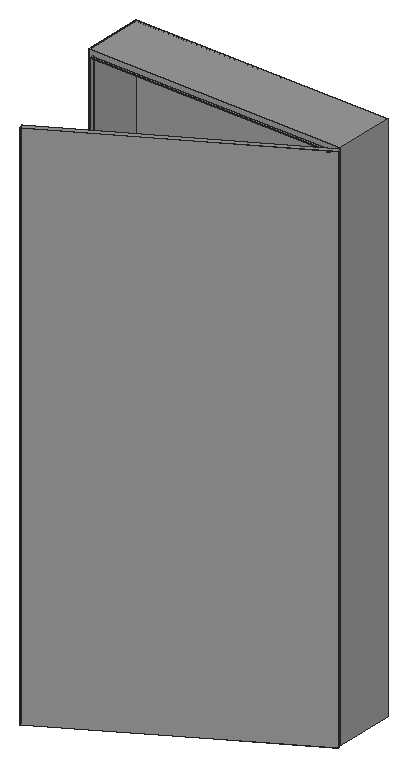
Revit family "Hager-Univers-IP44-D205-H1700-Cl.II-Encl-NoHosted-SE-en", category Equipement électrique, Revit 2020
Family settings
  Configuration du panneau = Deux colonnes, circuits au sein
  Cote de connecteur circulaire = Utiliser le diamètre
  Type d'élément = Tableau de raccordement
  Basée sur le plan de construction = Oui
  Toujours verticalement = Oui
  Couper avec des vides une fois chargée = Non
  Partagée = Non
  Point de calcul de pièce = Non
Parameters (values of type "Surface mounted (plaster) IP44 W800 H1700 D205  - FP13SN2")
  Width Control [instance] = if([EF000008 - Width] > Min Width, [EF000008 - Width], Min Width)  # 800 mm
  Commentaires du type = [HG000003 - Range]  # "Univers"
  Thickness Door [instance] = if([EF009171 - Material plate thickness door/cover] > 3 mm, 3 mm, [EF009171 - Material plate thickness door/cover])  # 1 mm
  Seal Frame Offset [instance] = 17 mm  # constant formula
  Plinth Visibility [instance] = [HG000027 - Plinth height] > 0 mm  # no
  Min Width [instance] = 100 mm  # constant formula
  Min Depth [instance] = (2 * [EF009170 - Material plate thickness cabinet]) + 1 mm  # 3 mm
  Min Height [instance] = 100 mm  # constant formula
  Internal Frame Depth [instance] = (Door System Depth * 0.5)  # 9 mm
  Panel Name [instance] = ""  # (empty or 0)
  Model = ""
  HG000027 - Plinth height = 0 mm
  HG000026 - Floor standing = no
  HG000024 - Bottom section height = 600 mm
  HG000023 - Double section enclosure = no
  HG000016 - Door 3d visibility [instance] = yes
  HG000015 - Clearance visibility [instance] = no
  HG000014 - Door on the right [instance] = yes
  HG000013 - Door on the left [instance] = not([HG000014 - Door on the right])  # no
  HG000012 - Door swing angle [instance] = 30.00°
  HG000010 - Asymmetric doors = no
  HG000009 - Double swing door = no
  HG000006 - Flush mounted = no
  HG000004 - Manufacturer reference = "FP13SN2"
  HG000003 - Range = "Univers"
  HG000002 - With door or cover = yes
  Frame Offset Bottom [instance] = 10 mm  # constant formula
  Frame Offset [instance] = 15 mm  # constant formula
  EF015940 - Cover with overpressure release = no
  EF011959 - Degree of protection (NEMA) = ""
  EF009554 - Number of openings for flange plates = 6
  EF009212 - Cover model = "EV000116 - Closed"
  EF009171 - Material plate thickness door/cover = 1 mm
  EF009170 - Material plate thickness cabinet = 1 mm
  EF008873 - Nominal current (In) = 400 A
  EF007800 - Suitable for lightning protection = no
  EF006306 - With lock = no
  EF006244 - Transparent cover/door = no
  EF005474 - Degree of protection (IP) = "EV006418 - IP44"
  EF004464 - Type of door = "EV002646 - Single"
  EF004427 - Number of modules = 396
  EF004293 - Impact strength = "EV006815 - IK09"
  EF003532 - Suitable for outdoor use = no
  EF002950 - Width in number of modular spacings = 36
  EF001613 - Circuit integrity = "EV000494 - None"
  EF001596 - Material housing = "EV000179 - Steel"
  EF001131 - Internal depth = 143 mm
  EF001088 - Extension possible = yes
  EF000437 - Number of conduit inlets = 6
  EF000339 - Type of cover = "EV001012 - Cover"
  EF000266 - Number of rows = 11
  EF000218 - Built-in depth = 205 mm
  EF000118 - With mounting plate = no
  EF000116 - RAL-number = "9010"
  EF000049 - Depth = 205 mm
  EF000040 - Height = 1700 mm
  EF000008 - Width = 800 mm
  EF000007 - Colour = "EV000202 - White"
  EF000003 - Mounting method = "EV000384 - Surface mounted (plaster)"
  Door System Leaf Tolerance [instance] = 1.5 mm  # constant formula
  Door System Depth [instance] = 18 mm  # constant formula
  Door Height [instance] = Height Control - [HG000027 - Plinth height]  # 1700 mm
  Description = ""
  Default Elevation = 1219.2 mm
  Connector Offset [instance] = Height Control / 2  # 850 mm
  Fabricant = "Hager"  # constant formula
  Height Control [instance] = if([EF000040 - Height] > Min Height, [EF000040 - Height], Min Height)  # 1700 mm
  Depth Control [instance] = if([EF000049 - Depth] > Min Depth, [EF000049 - Depth], Min Depth)  # 205 mm
  Bottom Top Plate Trim [instance] = 1.5 mm  # constant formula
  Plinth height Ctrl [instance] = if([HG000027 - Plinth height] > 0 mm, [HG000027 - Plinth height], 12 mm)  # 12 mm
Types (5, lengths in mm): name | Width Control | HG000010 - Asymmetric doors | HG000009 - Double swing door | HG000004 - Manufacturer reference | EF009554 - Number of openings for flange plates | EF008873 - Nominal current (In) | EF004464 - Type of door | EF004427 - Number of modules | EF002950 - Width in number of modular spacings | EF000437 - Number of conduit inlets | EF000008 - Width
  Surface mounted (plaster) IP44 W1050 H1700 D205  - FP14SN2 | 1050 | no | yes | "FP14SN2" | 8 | 400 A | "EV003602 - Double" | 528 | 48 | 8 | 1050
  Surface mounted (plaster) IP44 W1300 H1700 D205  - FP15SN2 | 1300 | yes | yes | "FP15SN2" | 10 | 400 A | "EV003602 - Double" | 660 | 60 | 10 | 1300
  Surface mounted (plaster) IP44 W300 H1700 D205  - FP11SN2 | 300 | no | no | "FP11SN2" | 2 | 250 A | "EV002646 - Single" | 132 | 12 | 2 | 300
  Surface mounted (plaster) IP44 W550 H1700 D205  - FP12SN2 | 550 | no | no | "FP12SN2" | 4 | 250 A | "EV002646 - Single" | 264 | 24 | 4 | 550
  Surface mounted (plaster) IP44 W800 H1700 D205  - FP13SN2 | 800 | no | no | "FP13SN2" | 6 | 400 A | "EV002646 - Single" | 396 | 36 | 6 | 800
Reference planes
  plane 1 "Center (Front/Back)": y = 0
  plane 2: z = 0
  plane 3 "Center (Left/Right)": x = 0
  plane 4: y = 0
  plane 5: y = 0
  plane 6: z = 0
  plane 7: x = -400
  plane 8: x = 400
  plane 9: x = 399
  plane 10: x = -399
  plane 11: z = 0
  plane 12: z = 1
  plane 13: y = -205
  plane 14: y = -1
  plane 15: x = 0
  plane 16: y = -187
  plane 17: y = -204
  plane 18: y = -186
  plane 19: x = -384
  plane 20: x = 384
  plane 21: z = 11
  plane 22: x = -383
  plane 23: x = 383
  plane 24: z = 0
  plane 25: z = 1700
  plane 26: z = 1700
  plane 27: z = 1684
  plane 28: z = 1699
Forms (mm)
  Extrusion 1, solid, material "Hager_Steel_RAL7035_Light_Grey", detail levels medium+fine
    sketch origin (-208.679, -4572, 0) x (-1, 0, 0) y (0, -1, 0)
      loop
        line (191.321, -4385) -> (-608.679, -4385) -> (-608.679, -4572) -> (191.321, -4572) -> (191.321, -4385)
    from 0 to 1700
  Extrusion 2, void
    sketch origin (-350.771, -205, 1219.2) x (1, 0, 0) y (0, 0, 1)
      loop
        line (-48.229, 479.8) -> (-48.229, -1218.2) -> (749.771, -1218.2) -> (749.771, 479.8) -> (-48.229, 479.8)
    from -19 to -204
  Extrusion 3, void
    sketch origin (-290.084, -187, 1219.2) x (1, 0, 0) y (0, 0, 1)
      loop
        line (-93.916, -1208.2) -> (674.084, -1208.2) -> (674.084, 464.8) -> (-93.916, 464.8) -> (-93.916, -1208.2)
    from 0 to -1
  Extrusion 4, solid, material "Hager_Steel_RAL7035_Light_Grey", visible <- "Plinth Visibility", detail levels medium+fine
    sketch origin (0, 0, 0) x (1, 0, 0) y (0, 1, 0)
      loop
        line (-400, 0) -> (-400, -187) -> (400, -187) -> (400, 0) -> (-400, 0)
    from 0 to 12 <- "Plinth height Ctrl"
  Extrusion 5, solid, material "Hager_Steel_RAL7035_Light_Grey", detail levels coarse
    sketch origin (0, 0, 0) x (1, 0, 0) y (0, 1, 0)
      loop
        line (-400, 0) -> (-400, -205) -> (400, -205) -> (400, 0) -> (-400, 0)
    from 0 to 1700 <- "Height Control"
  Sweep 6, void
    path in 3D
      loop
        line (-400, -187, 12) -> (400, -187, 12) -> (400, 0, 12) -> (-400, 0, 12) -> (-400, -187, 12)
    profile origin (-400, -93.5, 12) x (1, 0, 0) y (0, 0, 1)
      loop
        line (0, 0) -> (0, -1.5) -> (1.5, -1.5)
        arc (1.5, -1.5) -> (1.061, -0.439) -> (0, 0) r 1.5
  Extrusion 7, solid, material "Hager_Steel_RAL7035_Light_Grey", detail levels fine
    sketch origin (-400, -187, 0) x (1, 0, 0) y (0, 0, 1)
      loop
        line (16, 11) -> (784, 11) -> (784, 1684) -> (16, 1684) -> (16, 11)
      loop
        line (15, 10) -> (785, 10) -> (785, 1685) -> (15, 1685) -> (15, 10)
    from 0 to 9 <- "Internal Frame Depth"
Cuts and joins
  Extrusion 2, Extrusion 3 cuts Extrusion 1
  Sweep 6 cuts Extrusion 4
Lines and regions (mm)
  Masking region 1
    outline origin (0, 0, 0) x (1, 0, 0) y (0, 1, 0)
      loop
        line (-400, 0) -> (-400, -205) -> (400, -205) -> (400, 0) -> (-400, 0)
  Masking region 2, detail levels coarse
    outline origin (-290.084, -187, 1219.2) x (-1, 0, 0) y (0, 0, 1)
      loop
        line (-690.084, -1219.2) -> (109.916, -1219.2) -> (109.916, 480.8) -> (-690.084, 480.8) -> (-690.084, -1219.2)
  Masking region 3, detail levels coarse
    outline origin (0, 0, 0) x (0, 1, 0) y (0, 0, 1)
      loop
        line (0, 0) -> (0, 1700) -> (-205, 1700) -> (-205, 0) -> (0, 0)
  Masking region 4, visible <- "Plinth Visibility", detail levels medium+fine
    outline origin (0, 0, 0) x (0, 1, 0) y (0, 0, 1)
      loop
        line (-1.5, 12) -> (-185.5, 12)
        arc (-185.5, 12) -> (-185.939, 10.939) -> (-187, 10.5) r 1.5
        line (-187, 10.5) -> (-187, 0) -> (0, 0) -> (0, 10.5)
        arc (0, 10.5) -> (-1.061, 10.939) -> (-1.5, 12) r 1.5
  Masking region 5, detail levels medium+fine
    outline origin (0, 0, 594.038) x (0, 1, 0) y (0, 0, 1)
      loop
        line (0, -594.038) -> (0, 1105.962) -> (-187, 1105.962) -> (-187, -594.038) -> (0, -594.038)
  Masking region 6, detail levels medium+fine
    outline origin (-359.7, -187, 1211.883) x (-1, 0, 0) y (0, 0, 1)
      loop
        line (-759.7, -1211.883) -> (40.3, -1211.883) -> (40.3, 488.117) -> (-759.7, 488.117) -> (-759.7, -1211.883)
  Masking region 7, visible <- "Plinth Visibility", detail levels medium+fine
    outline origin (-320.334, -187, 1041.368) x (-1, 0, 0) y (0, 0, 1)
      loop
        line (-720.334, -1041.368) -> (79.666, -1041.368) -> (79.666, -1030.868)
        arc (79.666, -1030.868) -> (78.606, -1030.429) -> (78.166, -1029.368) r 1.5
        line (78.166, -1029.368) -> (-718.834, -1029.368)
        arc (-718.834, -1029.368) -> (-719.273, -1030.429) -> (-720.334, -1030.868) r 1.5
        line (-720.334, -1030.868) -> (-720.334, -1041.368)
  sketch lines
    curve 1: line (-400, 0, 12) -> (-400, -187, 12)
    curve 2: line (-400, -187, 12) -> (400, -187, 12)
    curve 3: line (400, 0, 12) -> (-400, 0, 12)
    curve 4: line (400, -187, 12) -> (400, 0, 12)
Dimensions and locks
  locked: plane 1 "Center (Front/Back)" to plane 5
  "EF009170 - Material plate thickness cabinet": plane 7 to plane 10
  "EF009170 - Material plate thickness cabinet": plane 8 to plane 9
  equal spacing: plane 7, plane 3 "Center (Left/Right)", plane 8
  "Width Control": plane 7 to plane 8
  "Depth Control": plane 4 to plane 13
  "EF009170 - Material plate thickness cabinet": plane 4 to plane 14
  "Height Control": plane 25 to level
  "HG000027 - Plinth height": plane 11 to level
  "EF009170 - Material plate thickness cabinet": plane 12 to plane 11
  "EF009170 - Material plate thickness cabinet": plane 17 to plane 13
  "EF009170 - Material plate thickness cabinet": plane 18 to plane 16
  "Frame Offset Bottom": plane 21 to plane 12
  "Frame Offset": plane 10 to plane 19
  "Frame Offset": plane 9 to plane 20
  "Door System Depth": plane 16 to plane 13
  "Seal Frame Offset": plane 7 to plane 22
  "Seal Frame Offset": plane 8 to plane 23
  "EF009170 - Material plate thickness cabinet": plane 26 to plane 28
  "Frame Offset": plane 28 to plane 27
  "Connector Offset": plane 2 to connector elem
  "Bottom Top Plate Trim": profile plane to Sweep 6 sketch curve
  "Bottom Top Plate Trim": Sweep 6 sketch curve to Sweep 6 sketch curve
  "Plinth height Ctrl": Masking region 4 sketch curve to level
  "Plinth height Ctrl": Masking region 7 sketch curve to level
  "Thickness Door": Extrusion 7 sketch curve to Extrusion 7 sketch curve  (x4)
  "Bottom Top Plate Trim": radius of Sweep 6 sketch curve
  "Bottom Top Plate Trim": radius of Masking region 4 sketch curve  (x2)
  "Bottom Top Plate Trim": radius of Masking region 7 sketch curve  (x2)
  aligned and locked: Extrusion 2 sketch curve to plane 12
  aligned and locked: Extrusion 2 sketch curve to plane 9
  aligned and locked: Extrusion 2 sketch curve to plane 10
  aligned and locked: Extrusion 2 to plane 14
  aligned and locked: Extrusion 1 sketch curve to plane 4
  aligned and locked: plane 8 to Extrusion 1 sketch curve
  aligned and locked: plane 7 to Extrusion 1 sketch curve
  aligned and locked: Extrusion 2 to plane 18
  aligned and locked: Extrusion 3 sketch curve to plane 19
  aligned and locked: plane 20 to Extrusion 3 sketch curve
  aligned and locked: Extrusion 3 to Extrusion 2
  aligned and locked: Extrusion 3 sketch curve to plane 21
  aligned and locked: plane 3 "Center (Left/Right)" to nested 1
  aligned and locked: Extrusion 1 sketch curve to plane 16
  aligned and locked: Extrusion 4 sketch curve to cut or joined group of Extrusion 1, Extrusion 2, Extrusion 3
  aligned and locked: Masking region 1 sketch curve to plane 7
  aligned and locked: Masking region 1 sketch curve to plane 5
  aligned and locked: Masking region 1 sketch curve to plane 8
  aligned and locked: Masking region 2 sketch curve to level
  aligned and locked: level to Masking region 3 sketch curve
  aligned and locked: plane 1 "Center (Front/Back)" to Masking region 3 sketch curve
  aligned and locked: plane 13 to Masking region 3 sketch curve
  aligned and locked: plane 5 to Masking region 4 sketch curve
  aligned and locked: Masking region 2 sketch curve to plane 8
  aligned and locked: Masking region 2 sketch curve to plane 7
  aligned and locked: plane 7 to nested 2
  aligned and locked: nested 2 to plane 5
  aligned and locked: plane 5 to Masking region 5 sketch curve
  aligned and locked: plane 26 to Masking region 5 sketch curve
  aligned and locked: Extrusion 5 sketch curve to plane 8
  aligned and locked: Extrusion 5 sketch curve to plane 7
  aligned and locked: Extrusion 5 sketch curve to plane 5
  aligned and locked: Extrusion 3 sketch curve to plane 27
  aligned and locked: Extrusion 2 sketch curve to plane 28
  aligned and locked: Masking region 2 to plane 25
  aligned and locked: Extrusion 4 to plane 16
  aligned and locked: profile plane to Sweep 6 sketch curve
  aligned and locked: Masking region 5 sketch curve to plane 24
  aligned and locked: level to Masking region 4 sketch curve
  aligned and locked: Masking region 1 to plane 13
  aligned and locked: nested 1 to plane 16
  aligned and locked: Masking region 3 to plane 25
  aligned and locked: plane 16 to Masking region 4 sketch curve
  aligned and locked: Masking region 5 sketch curve to plane 16
  aligned and locked: plane 24 to plane 11
  aligned and locked: plane 26 to plane 25
  aligned and locked: plane 26 to cut or joined group of Extrusion 1, Extrusion 2, Extrusion 3
  aligned and locked: nested 1 to plane 24
  aligned and locked: Extrusion 1 to Extrusion 3
  aligned and locked: Masking region 6 sketch curve to plane 8
  aligned and locked: Masking region 6 sketch curve to plane 24
  aligned and locked: Masking region 6 sketch curve to plane 7
  aligned and locked: Masking region 6 sketch curve to plane 26
  aligned and locked: Masking region 7 sketch curve to plane 7
  aligned and locked: level to Masking region 7 sketch curve
  aligned and locked: Masking region 7 sketch curve to plane 8
  aligned and locked: Extrusion 7 sketch curve to cut or joined group of Extrusion 1, Extrusion 2, Extrusion 3  (x4)
Automatic sketch dimensions
  plane 19 to Extrusion 3 sketch curve = 0 mm
  Extrusion 3 sketch curve to plane 20 = 0 mm
  Extrusion 3 sketch curve to plane 21 = 0 mm
  Extrusion 4 sketch curve to plane 7 = 0 mm
  Extrusion 4 sketch curve to plane 8 = 0 mm
  Extrusion 4 sketch curve to plane 16 = 0 mm
  Masking region 1 sketch curve to plane 13 = 0 mm
  Masking region 2 sketch curve to plane 25 = 0 mm
  Masking region 3 sketch curve to plane 25 = 0 mm
  Extrusion 5 sketch curve to plane 13 = 0 mm
  profile plane to Sweep 6 sketch curve = 0 mm
Nested families
  nested 1: "EC000058_Univers_Door" at (0, -187, 0), Double <- "HG000009 - Double swing door", Transparent <- "EF006244 - Transparent cover/door", Angle <- "HG000012 - Door swing angle", Door_Right <- "HG000014 - Door on the right", Assymetrical <- "HG000010 - Asymmetric doors", Door <- "HG000002 - With door or cover", Width_Ctrl <- "Width Control", 3d_Door <- "HG000016 - Door 3d visibility", Clearance <- "HG000015 - Clearance visibility", Door_Left <- "HG000013 - Door on the left", Width <- "Width Control", Door_Depth <- "Door System Depth", Leaf_Tolerance <- "Door System Leaf Tolerance", Height <- "Door Height", Lock_Visibility <- "EF006306 - With lock", Thickness <- "Thickness Door", type "EC000058_Univers_Door", detail levels medium+fine
    with min_wh 3 mm, Width_Ctrl 800 mm, Width 800 mm, Transparent no, Thickness 1 mm, Seal_Material Hager_Rubber, Lock_Visibility no, Lock_Material Hager_Plastic_RAL9005_Jet_Black, Leaf_Width 800 mm, Leaf_Tolerance_External_Sides 0 mm, Leaf_Tolerance 1.5 mm, Leaf_Offset 0 mm, Leaf_Height 1697 mm, Leaf_2_Width 800 mm, Leaf_2_Offset 400 mm, Leaf_1_Width 800 mm, Leaf_1_Offset 400 mm, Height_Ctrl 1700 mm, Height 1700 mm, Glass_Material Hager_Glass, Double_Clearance_Ctrl no, Double no, Door_Right_Ctrl yes, Door_Right yes, Door_Material Hager_Steel_RAL7035_Light_Grey, Door_Left_Ctrl no, Door_Left no, Door_Depth 18 mm, Door yes, Clearance_Material Hager_Clearance, Clearance_Depth 800 mm, Clearance_Ctrl no, Clearance no, Assymetrical no, Angle 30.00°, 3d_Door yes
  nested 2: "Hager_Enclosure_Symbol" at (-400, 0, 0), Height <- "Depth Control", Width <- "Width Control", type "Hager_Enclosure_Symbol"
    with Width_Ctrl 800 mm, Width 800 mm, Height_Ctrl 205 mm, Height 205 mm, A_Width_Int 13.453 mm, A_Width 161.438 mm, A_Height_Ctrl 179.375 mm, A_Height 179.375 mm
Connectors
  electrical at (0, 0, 850)
    settings: on plane 1 "Center (Front/Back)", index 1, voltage 0 V, apparent load 0 VA, apparent load phase1 0 VA, apparent load phase2 0 VA, apparent load phase3 0 VA, power factor 1, load classification "Other", number of poles 1, system type 30, power factor state 1, is connector primary yes, connector utility no, sub classification motor no, connector description ""
Definition of nested family "EC000058_Univers_Door"
  Parameters (values of type "EC000058_Univers_Door")
    min_wh [instance] = (2 * Thickness) + 1 mm  # 11 mm
    Width_Ctrl [instance] = 400 mm
    Width [instance] = 500 mm
    Transparent [instance] = yes
    Thickness [instance] = 5 mm
    Seal_Material [instance] = none
    Lock_Visibility [instance] = yes
    Lock_Material [instance] = none
    Leaf_Width [instance] = if((Width_Ctrl - 2 * Leaf_Tolerance_External_Sides) > 0 mm, (Width_Ctrl - 2 * Leaf_Tolerance_External_Sides), min_wh)  # 400 mm
    Leaf_Tolerance_External_Sides [instance] = 0 mm  # constant formula
    Leaf_Tolerance [instance] = 1.5 mm
    Leaf_Offset [instance] = 0 mm  # constant formula
    Leaf_Height [instance] = if((Height_Ctrl - 2 * Leaf_Tolerance) > 0 mm, (Height_Ctrl - 2 * Leaf_Tolerance), min_wh)  # 497 mm
    Leaf_2_Width [instance] = if(and(and(Double, Assymetrical), Door_Left), (Leaf_Width / 3) - (Leaf_Tolerance / 2), if(and(and(Double, Assymetrical), Door_Right), (Leaf_Width / 3) * 2 - (Leaf_Tolerance / 2), if(and(Double, not(Assymetrical)), (Leaf_Width / 2) - Leaf_Tolerance, Leaf_Width)))  # 400 mm
    Leaf_2_Offset [instance] = if(and(Double, Assymetrical), Leaf_2_Width / 2, if(and(Double, not(Assymetrical)), Leaf_Width / 4, Leaf_Width / 2))  # 200 mm
    Leaf_1_Width [instance] = if(and(and(Double, Assymetrical), Door_Right), (Leaf_Width / 3) - (Leaf_Tolerance / 2), if(and(and(Double, Assymetrical), Door_Left), (Width / 3) * 2 - (Leaf_Tolerance / 2), if(and(Double, not(Assymetrical)), (Leaf_Width / 2) - Leaf_Tolerance, Leaf_Width)))  # 400 mm
    Leaf_1_Offset [instance] = if(and(Double, Assymetrical), Leaf_1_Width / 2, if(and(Double, not(Assymetrical)), Leaf_Width / 4, Leaf_Width / 2))  # 200 mm
    Height_Ctrl [instance] = if(Height > min_wh, Height, min_wh)  # 500 mm
    Height [instance] = 500 mm
    Glass_Material [instance] = none
    Double_Clearance_Ctrl [instance] = and(Double, Clearance)  # no
    Double [instance] = no
    Door_Right_Ctrl [instance] = and(or(Door_Right, Double), Door)  # yes
    Door_Right [instance] = yes
    Door_Material [instance] = none
    Door_Left_Ctrl [instance] = and(or(Door_Left, Double), Door)  # no
    Door_Left [instance] = no
    Door_Depth [instance] = 30 mm
    Door [instance] = yes
    Default Elevation = 1219.2 mm
    Clearance_Material [instance] = none
    Clearance_Depth [instance] = if(Leaf_1_Width > Leaf_2_Width, Leaf_1_Width, Leaf_2_Width)  # 400 mm
    Clearance_Ctrl [instance] = and(not(Double), Clearance)  # yes
    Clearance [instance] = yes
    Assymetrical [instance] = yes
    Angle [instance] = 30.00°
    3d_Door [instance] = yes
  Reference planes
    plane 1 "Center (Front/Back)": y = 0
    plane 2 "Bottom": z = 0
    plane 3 "Center (Left/Right)": x = 0
    plane 4: z = 500
    plane 5: x = -200
    plane 6: x = 200
    plane 7: z = 500
    plane 8: x = -200
    plane 9: z = 0
    plane 10: x = 200
    plane 11: y = 0
    plane 12: z = 1.5
    plane 13: x = -600
    plane 14: y = -400
    plane 15: x = 600
    plane 16: x = 0
    plane 17: x = 0
    plane 18: x = -200
    plane 19: x = 200
    plane 20: z = 498.5
  Forms (mm)
    Extrusion 1, solid, material <- "Clearance_Material", visible <- "Double_Clearance_Ctrl"
      sketch origin (1200, 0, 0) x (1, 0, 0) y (0, 0, -1)
        loop
          line (-1800, -498.5) -> (-600, -498.5) -> (-600, 0) -> (-1800, 0) -> (-1800, -498.5)
      from 0 to -400
  Dimensions and locks
    equal spacing: plane 5, plane 3 "Center (Left/Right)", plane 6
    "Width_Ctrl": plane 5 to plane 6
    "Leaf_Offset": plane 5 to plane 8
    "Leaf_Offset": plane 6 to plane 10
    "Leaf_Offset": plane 9 to level
    "Leaf_Offset": plane 4 to plane 7
    "Height_Ctrl": plane 4 to level
    "Leaf_Tolerance": plane 12 to plane 9
    locked: plane 11 to plane 1 "Center (Front/Back)"
    "Leaf_1_Offset": plane 18 to plane 16
    "Leaf_2_Offset": plane 17 to plane 19
    "Leaf_1_Width": plane 13 to plane 8
    "Leaf_2_Width": plane 10 to plane 15
    "Clearance_Depth": plane 14 to plane 1 "Center (Front/Back)"
    "Leaf_Tolerance_External_Sides": plane 8 to plane 18
    "Leaf_Tolerance_External_Sides": plane 19 to plane 10
    "Leaf_Tolerance": plane 7 to plane 20
    aligned and locked: level to plane 2 "Bottom"
    aligned and locked: nested 1 to plane 16
    aligned and locked: nested 2 to plane 17
    aligned and locked: Extrusion 1 to plane 13
    aligned and locked: plane 15 to Extrusion 1
    aligned and locked: Extrusion 1 to plane 14
    aligned and locked: plane 12 to nested 1
    aligned and locked: nested 2 to plane 12
    aligned and locked: Extrusion 1 to plane 11
    aligned and locked: plane 20 to Extrusion 1
    aligned and locked: nested 2 to plane 11
    aligned and locked: nested 1 to plane 11
  Automatic sketch dimensions
    Extrusion 1 sketch curve to level = 0 mm
    plane 5 to Extrusion 1 sketch curve = 400 mm
    plane 6 to Extrusion 1 sketch curve = 400 mm
    Extrusion 1 sketch curve to plane 4 = 1.5 mm
  Nested families
    nested 1: "EC000058_Univers_Door_Leaf" at (0, 0, 1.5), Width <- "Leaf_1_Width", visible <- "Door_Left_Ctrl", Leaf_Height <- "Leaf_Height", Angle <- "Angle", 3d_Door <- "3d_Door", Transparent <- "Transparent", Clearance Material <- "Clearance_Material", Clearance <- "Clearance_Ctrl", Door_Material <- "Door_Material", Glass_Material <- "Glass_Material", Door_Depth <- "Door_Depth", Lock_Material <- "Lock_Material", Seal_Material <- "Seal_Material", Lock_Visibility <- "Lock_Visibility", Thickness <- "Thickness", type "EC000058_Univers_Door_Leaf"
      with Width 400 mm, Transparent_Glass_Offset 30 mm, Transparent_Ctrl yes, Transparent yes, Thickness 5 mm, Standard no, Seal_Material none, Seal_D2 8 mm, Seal_D1 1 mm, Offset_Internal_Frame 10 mm, Lock_Width 20 mm, Lock_Visibility_3d yes, Lock_Visibility yes, Lock_Thickness_3 3 mm, Lock_Thickness_2 1 mm, Lock_Thickness_1 3 mm, Lock_Radius_Offset_2 16 mm, Lock_Radius_Offset_1 15 mm, Lock_Radius_2 5 mm, Lock_Radius 6 mm, Lock_Offset 5 mm, Lock_Material none, Lock_Height 80 mm, Lock_Cover_Top_Offset_2d 17 mm, Lock_Cover_Height -65 mm, Leaf_Height 497 mm, Internal_Seal_Thickness 8 mm, Internal_Seal_Depth_2 4.5 mm, Internal_Frame_Depth 25 mm, Glass_Thickness -1 mm, Glass_Offset -2 mm, Glass_Material none, Door_Material none, Door_Depth 30 mm, Clearance Material none, Clearance yes, Angle_Ctrl 30.00°, Angle 30.00°, 3d_Door yes
    nested 2: "EC000058_Univers_Door_Leaf" at (0, 0, 1.5) x (-1, 0, 0) z (0, 0, 1), Width <- "Leaf_2_Width", visible <- "Door_Right_Ctrl", Leaf_Height <- "Leaf_Height", Angle <- "Angle", 3d_Door <- "3d_Door", Transparent <- "Transparent", Clearance Material <- "Clearance_Material", Clearance <- "Clearance_Ctrl", Door_Material <- "Door_Material", Glass_Material <- "Glass_Material", Door_Depth <- "Door_Depth", Lock_Material <- "Lock_Material", Seal_Material <- "Seal_Material", Lock_Visibility <- "Lock_Visibility", Thickness <- "Thickness", type "EC000058_Univers_Door_Leaf"
      with Width 400 mm, Transparent_Glass_Offset 30 mm, Transparent_Ctrl yes, Transparent yes, Thickness 5 mm, Standard no, Seal_Material none, Seal_D2 8 mm, Seal_D1 1 mm, Offset_Internal_Frame 10 mm, Lock_Width 20 mm, Lock_Visibility_3d yes, Lock_Visibility yes, Lock_Thickness_3 3 mm, Lock_Thickness_2 1 mm, Lock_Thickness_1 3 mm, Lock_Radius_Offset_2 16 mm, Lock_Radius_Offset_1 15 mm, Lock_Radius_2 5 mm, Lock_Radius 6 mm, Lock_Offset 5 mm, Lock_Material none, Lock_Height 80 mm, Lock_Cover_Top_Offset_2d 17 mm, Lock_Cover_Height -65 mm, Leaf_Height 497 mm, Internal_Seal_Thickness 8 mm, Internal_Seal_Depth_2 4.5 mm, Internal_Frame_Depth 25 mm, Glass_Thickness -1 mm, Glass_Offset -2 mm, Glass_Material none, Door_Material none, Door_Depth 30 mm, Clearance Material none, Clearance yes, Angle_Ctrl 30.00°, Angle 30.00°, 3d_Door yes
  Definition of nested family "EC000058_Univers_Door_Leaf"
    Parameters (values of type "EC000058_Univers_Door_Leaf")
      Width [instance] = 2000 mm
      Transparent_Glass_Offset [instance] = 30 mm
      Transparent_Ctrl [instance] = and(Transparent, [3d_Door])  # yes
      Transparent [instance] = yes
      Thickness [instance] = 5 mm
      Standard [instance] = and(not(Transparent), [3d_Door])  # no
      Seal_Material [instance] = none
      Seal_D2 [instance] = 8 mm  # constant formula
      Seal_D1 [instance] = 1 mm  # constant formula
      Offset_Internal_Frame [instance] = 10 mm  # constant formula
      Lock_Width [instance] = 20 mm  # constant formula
      Lock_Visibility_3d [instance] = and(Lock_Visibility, [3d_Door])  # yes
      Lock_Visibility [instance] = yes
      Lock_Thickness_3 [instance] = 3 mm  # constant formula
      Lock_Thickness_2 [instance] = 1 mm  # constant formula
      Lock_Thickness_1 [instance] = 3 mm  # constant formula
      Lock_Radius_Offset_2 [instance] = Lock_Radius_Offset_1 + 1 mm  # 16 mm
      Lock_Radius_Offset_1 [instance] = 15 mm  # constant formula
      Lock_Radius_2 [instance] = Lock_Radius - 1 mm  # 5 mm
      Lock_Radius [instance] = 6 mm  # constant formula
      Lock_Offset [instance] = 5 mm  # constant formula
      Lock_Material [instance] = none
      Lock_Height [instance] = 80 mm  # constant formula
      Lock_Cover_Top_Offset_2d [instance] = Lock_Radius_Offset_2 + 1 mm  # 17 mm
      Lock_Cover_Height [instance] = -(Lock_Height - Lock_Radius_Offset_1)  # -65 mm
      Leaf_Height [instance] = 2720.336 mm
      Internal_Seal_Thickness [instance] = 8 mm  # constant formula
      Internal_Seal_Depth_2 [instance] = 4.5 mm  # constant formula
      Internal_Frame_Depth [instance] = if(Door_Depth - Thickness > 5 mm, Door_Depth - Thickness, 5 mm)  # 25 mm
      Glass_Thickness [instance] = if(Thickness > 15 mm, Glass_Offset + 10 mm, -1 mm)  # -1 mm
      Glass_Offset [instance] = if(Thickness > 15 mm, -(Thickness + 10 mm) / 2, -2 mm)  # -2 mm
      Glass_Material [instance] = none
      Door_Material [instance] = none
      Door_Depth [instance] = 30 mm
      Default Elevation = 0 mm
      Clearance Material [instance] = none
      Clearance [instance] = yes
      Angle_Ctrl [instance] = if(Angle > 180.00°, 180.00°, Angle)  # 90.00°
      Angle [instance] = 90.00°
      3d_Door [instance] = yes
    Reference planes
      plane 1 "Center (Front/Back)": y = 0
      plane 2: z = 0
      plane 3 "Center (Left/Right)": x = 0
      plane 4: y = 2000
      plane 5: x = -1000
      plane 6: x = 1000
      plane 7: x = -3000
      plane 8: z = 2720.336
      plane 9: z = 30
      plane 10: z = 2690.336
      plane 11: x = 970
      plane 12: x = -970
      plane 13: y = -3
      plane 14: z = 107.833
      plane 15: y = -5
      plane 16: y = -223.314
      plane 17: x = -1000
      plane 18: z = 1360.168
      plane 19: y = 30
    Forms (mm)
      Extrusion 1, solid, material <- "Clearance Material", visible <- "Clearance"
        sketch origin (0, 0, 0) x (1, 0, 0) y (0, 0, 1)
          loop
            line (-3000, 2720.336) -> (-3000, 0) -> (1000, 0) -> (1000, 2720.336) -> (-3000, 2720.336)
        from 0 to -2000
      Extrusion 2, solid, material <- "Door_Material", visible <- "Standard", detail levels medium+fine
        sketch origin (-1000, 0, 0) x (0, 1, 0) y (-1, 0, 0)
          loop
            line (0, 30) -> (0, 25) -> (2000, 25) -> (2000, 30) -> (0, 30)
        from 0 to 2720.336 <- "Leaf_Height"
      Extrusion 3, solid, material <- "Door_Material", visible <- "Transparent_Ctrl", detail levels medium+fine
        sketch origin (-1000, 0, 0) x (0, 1, 0) y (-1, 0, 0)
          loop
            line (0, 25) -> (2000, 25) -> (2000, 30) -> (0, 30) -> (0, 25)
        from 0 to 2720.336 <- "Leaf_Height"
      Extrusion 4, void
        sketch origin (-1025, 2000, 0) x (0, 1, 0) y (0, 0, -1)
          loop
            line (-30, -2690.336) -> (-30, -30) -> (-1970, -30) -> (-1970, -2690.336) -> (-30, -2690.336)
        from 0 to 5 <- "Thickness"
      Sweep 5, solid, material <- "Seal_Material", visible <- "Transparent_Ctrl", detail levels fine
        path in 3D
          loop
            line (-1025, 30, 30) -> (-1025, 30, 2690.336) -> (-1025, 1970, 2690.336) -> (-1025, 1970, 30) -> (-1025, 30, 30)
        profile origin (-1025, 1000, 30) x (1, 0, 0) y (0, 0, 1)
          loop
            line (0, 0) -> (0, -8) -> (1, -8) -> (1, 0) -> (0, 0)
      Extrusion 6, solid, material <- "Glass_Material", visible <- "Transparent_Ctrl", detail levels medium+fine
        sketch origin (-1030, 0, 0) x (0, 1, 0) y (0, 0, -1)
          loop
            line (1970, -2690.336) -> (1970, -30) -> (30, -30) -> (30, -2690.336) -> (1970, -2690.336)
        from -2 <- "Glass_Offset" to -1 <- "Glass_Thickness"
      Extrusion 7, solid, material <- "Door_Material", visible <- "3d_Door", detail levels medium+fine
        sketch origin (-1025, 2000, 0) x (0, -1, 0) y (0, 0, -1)
          loop
            line (0, -2720.336) -> (2000, -2720.336) -> (2000, 0) -> (0, 0) -> (0, -2720.336)
          loop
            line (1995, -5) -> (5, -5) -> (5, -2715.336) -> (1995, -2715.336) -> (1995, -5)
        from 0 to 25 <- "Internal_Frame_Depth"
      Sweep 8, solid, material <- "Seal_Material", visible <- "Transparent_Ctrl", detail levels fine
        path in 3D
          loop
            line (-1025, 0, 0) -> (-1025, 2000, 0) -> (-1025, 2000, 2720.336) -> (-1025, 0, 2720.336) -> (-1025, 0, 0)
        profile origin (-1025, 0, 1360.168) x (1, 0, 0) y (0, 1, 0)
          loop
            line (0, 10) -> (2.975, 10)
            arc (2.975, 10) -> (4.053, 10.447) -> (4.5, 11.525) r 1.525
            line (4.5, 11.525) -> (4.5, 16.527)
            arc (4.5, 16.527) -> (4.069, 17.569) -> (3.027, 18) r 1.473
            line (3.027, 18) -> (0, 18) -> (0, 10)
      Extrusion 9, solid, material <- "Lock_Material", visible <- "Lock_Visibility_3d", detail levels fine
        sketch origin (-1030, 0, 0) x (0, 1, 0) y (0, 0, -1)
          loop
            arc (1993.5, -1400.168) -> (1994.561, -1399.729) -> (1995, -1398.668) r 1.5
            line (1995, -1398.668) -> (1995, -1320.168) -> (1975, -1320.168) -> (1975, -1398.668)
            arc (1975, -1398.668) -> (1975.439, -1399.729) -> (1976.5, -1400.168) r 1.5
            line (1976.5, -1400.168) -> (1993.5, -1400.168)
        from 3 <- "Lock_Thickness_1" to 0
      Blend 10, solid, material <- "Lock_Material", visible <- "Lock_Visibility_3d", detail levels fine
        base sketch origin (-1033, 0, 0) x (0, 1, 0) y (0, 0, -1)
          loop
            line (1975, -1320.168) -> (1975, -1398.668)
            arc (1975, -1398.668) -> (1975.439, -1399.729) -> (1976.5, -1400.168) r 1.5
            line (1976.5, -1400.168) -> (1993.5, -1400.168)
            arc (1993.5, -1400.168) -> (1994.561, -1399.729) -> (1995, -1398.668) r 1.5
            line (1995, -1398.668) -> (1995, -1320.168) -> (1975, -1320.168)
        top sketch origin (-1033, 0, 0) x (0, 1, 0) y (0, 0, -1)
          loop
            line (1976, -1320.168) -> (1976, -1398.668)
            arc (1976, -1398.668) -> (1976.146, -1399.022) -> (1976.5, -1399.168) r 0.5
            line (1976.5, -1399.168) -> (1993.5, -1399.168)
            arc (1993.5, -1399.168) -> (1993.854, -1399.022) -> (1994, -1398.668) r 0.5
            line (1994, -1398.668) -> (1994, -1320.168) -> (1976, -1320.168)
        from 0 to 1 <- "Lock_Thickness_2"
      Blend 11, solid, material <- "Lock_Material", visible <- "Lock_Visibility_3d", detail levels fine
        base sketch origin (-1034, 0, 0) x (0, 1, 0) y (0, 0, -1)
          loop
            line (1978, -1320.168) -> (1978, -1384.168)
            arc (1978, -1384.168) -> (1985, -1391.168) -> (1992, -1384.168) r 7
            line (1992, -1384.168) -> (1992, -1320.168) -> (1978, -1320.168)
        top sketch origin (-1034, 0, 0) x (0, 1, 0) y (0, 0, -1)
          loop
            line (1991, -1320.168) -> (1979, -1320.168) -> (1979, -1383.168)
            arc (1979, -1383.168) -> (1985, -1389.168) -> (1991, -1383.168) r 6
            line (1991, -1383.168) -> (1991, -1320.168)
        from 0 to 3 <- "Lock_Thickness_3"
      Extrusion 12, solid, material <- "Lock_Material", visible <- "Lock_Visibility_3d", detail levels fine
        sketch origin (-1030, 1975, 1320.168) x (1, 0, 0) y (0, -1, 0)
          loop
            line (-7, -19) -> (-7, -1) -> (0, -1) -> (0, 0) -> (-8, 0) -> (-8, -20) -> (0, -20) -> (0, -19) -> (-7, -19)
        from 0 to -65 <- "Lock_Cover_Height"
      Extrusion 13, void
        sketch origin (-1038, 1995, 1320.168) x (-1, 0, 0) y (0, 0, -1)
          loop
            line (-5, -65) -> (0, -65) -> (-5, -60) -> (-5, -65)
        from 0 to 20 <- "Lock_Width"
      Extrusion 14, void
        sketch origin (-1038, 1975, 1320.168) x (0, -1, 0) y (0, 0, -1)
          loop
            circle (-10, -15.995) r 6
          loop
            circle (-10, -15.995) r 5
        from 0 to 2
      Extrusion 15, solid, material <- "Lock_Material", visible <- "Lock_Visibility_3d", detail levels medium
        sketch origin (-1030, 0, 0) x (0, 1, 0) y (0, 0, -1)
          loop
            arc (1993.5, -1400.168) -> (1994.561, -1399.729) -> (1995, -1398.668) r 1.5
            line (1995, -1398.668) -> (1995, -1320.168) -> (1975, -1320.168) -> (1975, -1398.668)
            arc (1975, -1398.668) -> (1975.439, -1399.729) -> (1976.5, -1400.168) r 1.5
            line (1976.5, -1400.168) -> (1993.5, -1400.168)
        from 8 to 0
    Cuts and joins
      Extrusion 4 cuts Extrusion 3
      Extrusion 13, Extrusion 14 cuts Extrusion 9
      Extrusion 14 cuts Blend 11
      Extrusion 13, Extrusion 14 cuts Extrusion 12
      joined: Extrusion 9, Blend 10, Blend 11, Extrusion 12
      Extrusion 14 cuts Extrusion 15
    Lines and regions (mm)
      Masking region 1, visible <- "Lock_Visibility", detail levels fine
        outline origin (0, 0, 0) x (0, 1, 0) y (0, 0, 1)
          loop
            line (30, 1320.168) -> (33, 1320.168) -> (33, 1400.168) -> (30, 1400.168) -> (30, 1320.168)
      Masking region 2, visible <- "Lock_Visibility", detail levels fine
        outline origin (0, 3.143, 0) x (0, 1, 0) y (0, 0, 1)
          loop
            line (29.857, 1354.168) -> (30.857, 1354.168) -> (30.857, 1366.168) -> (29.857, 1366.168) -> (29.857, 1354.168)
      Masking region 3, detail levels medium+fine
        outline origin (0, 0, 0) x (0, 1, 0) y (0, 0, 1)
          loop
            line (0, 0) -> (30, 0) -> (30, 2720.336) -> (0, 2720.336) -> (0, 0)
      Masking region 4, detail levels medium+fine
        outline origin (0, 0, 0) x (1, 0, 0) y (0, 0, 1)
          loop
            line (-1000, 2720.336) -> (-1000, 0) -> (1000, 0) -> (1000, 2720.336) -> (-1000, 2720.336)
      Masking region 5, visible <- "Lock_Visibility", detail levels fine
        outline origin (-47.116, 0, 0) x (1, 0, 0) y (0, 0, 1)
          loop
            arc (1024.616, 1399.168) -> (1023.556, 1398.729) -> (1023.116, 1397.668) r 1.5
            line (1023.116, 1397.668) -> (1023.116, 1320.168) -> (1041.116, 1320.168) -> (1041.116, 1397.668)
            arc (1041.116, 1397.668) -> (1040.677, 1398.729) -> (1039.616, 1399.168) r 1.5
            line (1039.616, 1399.168) -> (1024.616, 1399.168)
      Masking region 6, visible <- "Lock_Visibility", detail levels medium+fine
        outline origin (-25, 0, 0) x (1, 0, 0) y (0, 0, 1)
          loop
            arc (1001.5, 1400.168) -> (1000.439, 1399.729) -> (1000, 1398.668) r 1.5
            line (1000, 1398.668) -> (1000, 1320.168) -> (1020, 1320.168) -> (1020, 1398.668)
            arc (1020, 1398.668) -> (1019.561, 1399.729) -> (1018.5, 1400.168) r 1.5
            line (1018.5, 1400.168) -> (1001.5, 1400.168)
      Masking region 7, visible <- "Lock_Visibility", detail levels fine
        outline origin (-73.735, 0, 0) x (1, 0, 0) y (0, 0, 1)
          loop
            line (1051.735, 1382.168) -> (1065.735, 1382.168) -> (1065.735, 1384.168)
            arc (1065.735, 1384.168) -> (1058.735, 1391.168) -> (1051.735, 1384.168) r 7
            line (1051.735, 1384.168) -> (1051.735, 1382.168)
      Masking region 8, visible <- "Lock_Visibility", detail levels fine
        outline origin (-73.735, 0, 0) x (1, 0, 0) y (0, 0, 1)
          loop
            line (1052.735, 1382.168) -> (1064.735, 1382.168) -> (1064.735, 1383.168)
            arc (1064.735, 1383.168) -> (1058.735, 1389.168) -> (1052.735, 1383.168) r 6
            line (1052.735, 1383.168) -> (1052.735, 1382.168)
      Masking region 9, visible <- "Lock_Visibility", detail levels fine
        outline origin (-25, 0, 0) x (1, 0, 0) y (0, 0, 1)
          loop
            line (1020, 1320.168) -> (1020, 1382.168) -> (1000, 1382.168) -> (1000, 1320.168) -> (1020, 1320.168)
      Masking region 10, detail levels medium+fine
        outline origin (0, 0, 0) x (1, 0, 0) y (0, 0, 1)
          loop
            circle (985, 1335.144) r 6
      Masking region 11, detail levels fine
        outline origin (0, 0, 0) x (1, 0, 0) y (0, 0, 1)
          loop
            circle (985, 1335.144) r 5
      Masking region 12, visible <- "Lock_Visibility", detail levels fine
        outline origin (0, 12.767, 0) x (0, 1, 0) y (0, 0, 1)
          loop
            line (20.233, 1320.168) -> (21.233, 1320.168) -> (21.233, 1399.168) -> (20.233, 1400.168) -> (20.233, 1320.168)
      Masking region 13, visible <- "Lock_Visibility", detail levels fine
        outline origin (0, 13.767, -10) x (0, 1, 0) y (0, 0, 1)
          loop
            line (20.233, 1330.168) -> (23.233, 1330.168) -> (23.233, 1399.168) -> (20.233, 1402.168) -> (20.233, 1330.168)
      Masking region 14, visible <- "Lock_Visibility", detail levels fine
        outline origin (0, 12.767, -10) x (0, 1, 0) y (0, 0, 1)
          loop
            line (20.233, 1330.168) -> (25.233, 1330.168) -> (25.233, 1399.305) -> (20.233, 1394.305) -> (20.233, 1330.168)
      Masking region 15, visible <- "Lock_Visibility", detail levels medium
        outline origin (0, 0, 0) x (0, 1, 0) y (0, 0, 1)
          loop
            line (30, 1320.168) -> (38, 1320.168) -> (38, 1400.168) -> (30, 1400.168) -> (30, 1320.168)
      Masking region 16, visible <- "Lock_Visibility", detail levels fine
        outline origin (-1000, 0, 0) x (0, 1, 0) y (-1, 0, 0)
          loop
            line (1975, 30) -> (1995, 30) -> (1995, 38) -> (1975, 38) -> (1975, 30)
          loop
            line (1979, 37) -> (1976, 37) -> (1976, 34) -> (1978, 34) -> (1979, 37)
          loop
            line (1994, 37) -> (1991, 37) -> (1992, 34) -> (1994, 34) -> (1994, 37)
      Masking region 17, visible <- "Lock_Visibility", detail levels medium
        outline origin (-1000, 0, 0) x (0, 1, 0) y (-1, 0, 0)
          loop
            line (1975, 30) -> (1995, 30) -> (1995, 38) -> (1975, 38) -> (1975, 30)
      symbolic lines
        curve 1: line (1000, 0, 0) -> (-3000, 0, 0)
        curve 2: arc (1000, 0, 0) -> (-1000, 2000, 0) -> (-3000, 0, 0) r 2000
        curve 4: line (-1030, 0, 0) -> (-1030, 2000, 0)
      reference lines
        curve 3: line (-1000, 0, 0) -> (-1000, 2000, 0)
      symbolic lines, detail levels medium+fine
        curve 5: line (-1030, 2000, 0) -> (-1025, 2000, 0)
        curve 7: line (-1025, 0, 0) -> (-1030, 0, 0)
        curve 8: line (-1025, 0, 0) -> (-1000, 0, 0)
        curve 9: line (-1000, 0, 0) -> (-1000, 2000, 0)
        curve 10: line (-1000, 2000, 0) -> (-1025, 2000, 0)
      symbolic lines, detail levels fine
        curve 6: line (-1025, 2000, 0) -> (-1025, 0, 0)
      sketch lines
        curve 11: line (-1025, 0, 2720.336) -> (-1025, 0, 0)
        curve 12: line (-1025, 2000, 0) -> (-1025, 0, 0)
        curve 13: line (-1025, 2000, 2720.336) -> (-1025, 2000, 0)
        curve 14: line (-1025, 0, 2720.336) -> (-1025, 2000, 2720.336)
        curve 15: line (-1025, 1970, 30) -> (-1025, 30, 30)
        curve 16: line (-1025, 30, 30) -> (-1025, 30, 2690.336)
        curve 17: line (-1025, 1970, 2690.336) -> (-1025, 1970, 30)
        curve 18: line (-1025, 30, 2690.336) -> (-1025, 1970, 2690.336)
      symbolic lines, visible <- "Transparent", detail levels medium+fine
        curve 19: line (-970, 0, 2690.336) -> (970, 0, 2690.336)
        curve 20: line (-970, 0, 30) -> (-970, 0, 2690.336)
        curve 21: line (970, 0, 30) -> (-970, 0, 30)
        curve 22: line (970, 0, 2690.336) -> (970, 0, 30)
    Dimensions and locks
      "Width": plane 1 "Center (Front/Back)" to plane 4
      equal spacing: plane 5, plane 3 "Center (Left/Right)", plane 6
      "Width": plane 5 to plane 6
      "Width": plane 7 to plane 5
      "Leaf_Height": plane 8 to level
      "Width": curve 5 to curve 3
      "Width": curve 3 to curve 3
      plane 8 to plane 10 = 30 mm
      plane 9 to level = 30 mm
      plane 12 to plane 5 = 30 mm
      plane 6 to plane 11 = 30 mm
      Extrusion 1 to Extrusion 4 sketch curve = 30 mm
      "Transparent_Glass_Offset": curve 3 to Extrusion 4 sketch curve
      "Transparent_Glass_Offset": Extrusion 4 sketch curve to cut or joined group of Extrusion 3, Extrusion 4  (x2)
      cut or joined group of Extrusion 3, Extrusion 4 to Extrusion 6 sketch curve = 30 mm
      "Transparent_Glass_Offset": cut or joined group of Extrusion 3, Extrusion 4 to Extrusion 4 sketch curve
      "Thickness": curve 6 to curve 4
      "Thickness": Extrusion 7 sketch curve to Extrusion 7 sketch curve  (x4)
      "Door_Depth": curve 4 to curve 3
      "Offset_Internal_Frame": profile plane to Sweep 8 sketch curve
      "Internal_Seal_Thickness": Sweep 8 sketch curve to Sweep 8 sketch curve
      "Internal_Seal_Depth_2": profile plane to Sweep 8 sketch curve
      "Seal_D1": profile plane to Sweep 5 sketch curve
      "Seal_D2": profile plane to Sweep 5 sketch curve
      "Thickness": Extrusion 2 sketch curve to Extrusion 2 sketch curve
      equal spacing: Extrusion 9 sketch curve, plane 18, Extrusion 9 sketch curve  (x2)
      equal spacing: Masking region 1 sketch curve, plane 18, Masking region 1 sketch curve
      "Lock_Height": Masking region 1 sketch curve to Masking region 1 sketch curve
      "Lock_Radius": Masking region 2 sketch curve to plane 18 to Masking region 2 sketch curve
      Masking region 2 sketch curve to Masking region 1 = 1 mm
      "Door_Depth": plane 19 to plane 1 "Center (Front/Back)"
      "Lock_Thickness_1": Masking region 1 sketch curve to plane 19
      "Lock_Width": Extrusion 9 sketch curve to Extrusion 9 sketch curve
      "Lock_Height": Extrusion 9 sketch curve to Extrusion 9 sketch curve
      "Lock_Offset": cut or joined group of Extrusion 3, Extrusion 4 to Extrusion 9 sketch curve
      equal spacing: plane 8, plane 18, level
      "Lock_Radius_Offset_1": Blend 11 sketch curve to Blend 10
      locked: Blend 10 to Blend 11 sketch curve at 2  (x2)
      locked: var sketch to Blend 11 sketch curve at 1  (x2)
      "Lock_Radius_Offset_2": Blend 11 sketch curve to Blend 10
      locked: Extrusion 12 sketch curve to Extrusion 12 sketch curve at 1  (x3)
      Masking region 6 sketch curve to Masking region 6 sketch curve = 80 mm
      "Lock_Height": Masking region 6 sketch curve to Masking region 6 sketch curve
      "Lock_Width": Masking region 6 sketch curve to Masking region 6 sketch curve
      locked: Masking region 6 to Masking region 5 sketch curve at 1  (x3)
      locked: Masking region 5 to Masking region 7 sketch curve at 2  (x2)
      "Lock_Radius_Offset_1": Masking region 5 to Masking region 7 sketch curve
      "Lock_Radius_Offset_2": Masking region 5 to Masking region 8 sketch curve
      locked: Masking region 7 to Masking region 8 sketch curve at 1  (x2)
      "Lock_Cover_Top_Offset_2d": Masking region 5 to Masking region 9 sketch curve
      equal spacing: Masking region 9, Masking region 10 sketch curve, Masking region 9
      equal spacing: Masking region 9, Masking region 11 sketch curve, Masking region 9
      Extrusion 15 sketch curve to Extrusion 15 sketch curve = 80 mm
      "Lock_Width": Extrusion 15 sketch curve to Extrusion 15 sketch curve
      "Lock_Height": Extrusion 15 sketch curve to Extrusion 15 sketch curve
      equal spacing: Extrusion 15 sketch curve, plane 18, Extrusion 15 sketch curve
      "Lock_Thickness_3": Masking region 13 sketch curve to Masking region 13 sketch curve
      "Lock_Height": Masking region 12 sketch curve to Masking region 12 sketch curve
      locked: Masking region 13 sketch curve to Masking region 1 at 8
      locked: Masking region 14 sketch curve to Masking region 13 at 1
      locked: Masking region 14 sketch curve to Masking region 1 at 10.863
      "Lock_Height": Masking region 15 sketch curve to Masking region 15 sketch curve
      "Lock_Offset": Extrusion 15 sketch curve to cut or joined group of Extrusion 3, Extrusion 4
      "Lock_Offset": plane 6 to Masking region 6 sketch curve
      radius of Sweep 8 sketch curve = 1.525 mm
      radius of Sweep 8 sketch curve = 1.473 mm
      radius of Extrusion 9 sketch curve = 1.5 mm  (x2)
      "Lock_Radius": radius of Extrusion 14 sketch curve
      "Lock_Radius_2": radius of Extrusion 14 sketch curve
      "Lock_Radius": radius of Masking region 10 sketch curve
      "Lock_Radius_2": radius of Masking region 11 sketch curve
      radius of Extrusion 15 sketch curve = 1.5 mm  (x2)
      "Angle_Ctrl": angle plane 1 "Center (Front/Back)" to curve 3
      locked: Masking region 12 sketch curve to Masking region 12 sketch curve (angle 45.00°)
      locked: Masking region 13 sketch curve to Masking region 13 sketch curve (angle 45.00°)
      locked: Masking region 14 sketch curve to Masking region 14 sketch curve (angle 45.00°)
      aligned and locked: level to plane 2
      aligned and locked: Extrusion 1 to curve 1
      aligned and locked: plane 6 to Extrusion 1
      aligned and locked: Extrusion 1 to plane 1 "Center (Front/Back)"
      aligned and locked: plane 4 to Extrusion 1
      aligned and locked: plane 8 to Extrusion 1
      aligned and locked: curve 7 to Extrusion 2 sketch curve
      aligned and locked: curve 5 to Extrusion 2 sketch curve
      aligned and locked: curve 7 to Extrusion 3 sketch curve
      aligned and locked: Extrusion 3 sketch curve to curve 4
      aligned and locked: Extrusion 3 sketch curve to curve 6
      aligned and locked: Extrusion 3 sketch curve to curve 5
      aligned and locked: curve 9 to curve 3
      aligned and locked: Extrusion 7 sketch curve to cut or joined group of Extrusion 3, Extrusion 4  (x4)
      aligned and locked: plane 17 to curve 3
      aligned and locked: plane 1 "Center (Front/Back)" to curve 3
      aligned and locked: plane 17 to plane 5
      aligned and locked: Sweep 8 sketch curve to profile plane
      aligned and locked: Sweep 5 sketch curve to profile plane  (x2)
      aligned and locked: Masking region 1 to Masking region 2 sketch curve
      aligned and locked: plane 19 to Masking region 1 sketch curve
      aligned and locked: plane 1 "Center (Front/Back)" to Masking region 3 sketch curve
      aligned and locked: plane 19 to Masking region 3 sketch curve
      aligned and locked: level to Masking region 3 sketch curve
      aligned and locked: Masking region 3 sketch curve to plane 8
      aligned and locked: plane 17 to Masking region 4 sketch curve
      aligned and locked: level to Masking region 4 sketch curve
      aligned and locked: Masking region 4 sketch curve to plane 8
      aligned and locked: plane 12 to curve 20
      aligned and locked: plane 10 to curve 19
      aligned and locked: plane 11 to curve 22
      aligned and locked: curve 21 to plane 9
      aligned and locked: Extrusion 2 sketch curve to cut or joined group of Extrusion 3, Extrusion 4
      aligned and locked: Blend 10 sketch curve to Extrusion 9  (x4)
      aligned and locked: Extrusion 9 to Blend 10 sketch curve
      aligned and locked: Blend 10 to Blend 11 sketch curve
      aligned and locked: Extrusion 12 sketch curve to Blend 11
      aligned and locked: Extrusion 12 sketch curve to Extrusion 9  (x4)
      aligned and locked: Masking region 5 sketch curve to Masking region 6
      aligned and locked: Masking region 9 sketch curve to Masking region 6  (x3)
      aligned and locked: Masking region 12 sketch curve to Masking region 1
      aligned and locked: Masking region 13 sketch curve to Masking region 1
      aligned and locked: Masking region 12 to Masking region 14
      aligned and locked: Masking region 14 sketch curve to Masking region 1
      aligned and locked: Masking region 15 sketch curve to Masking region 14
      aligned and locked: Masking region 13 sketch curve to Masking region 12
      aligned and locked: Masking region 16 sketch curve to cut or joined group of Extrusion 14, Extrusion 15  (x4)
      aligned and locked: Masking region 16 sketch curve to cut or joined group of Extrusion 9, Blend 10, Blend 11, Extrusion 12, Extrusion 13, Extrusion 14  (x6)
      aligned and locked: cut or joined group of Extrusion 9, Blend 10, Blend 11, Extrusion 12, Extrusion 13, Extrusion 14 to Masking region 16 sketch curve
      aligned and locked: Masking region 17 sketch curve to cut or joined group of Extrusion 14, Extrusion 15  (x3)
      aligned and locked: Masking region 17 sketch curve to cut or joined group of Extrusion 9, Blend 10, Blend 11, Extrusion 12, Extrusion 13, Extrusion 14
      aligned and locked: Masking region 9 to Masking region 8 sketch curve
      aligned and locked: Masking region 9 to Masking region 7 sketch curve
    Automatic sketch dimensions
      plane 1 "Center (Front/Back)" to curve 2 = 0 mm
      curve 2 to plane 5 = 0 mm
      Extrusion 1 sketch curve to level = 0 mm
      Extrusion 1 sketch curve to plane 7 = 0 mm
      Extrusion 1 sketch curve to plane 6 = 0 mm
      Extrusion 1 sketch curve to plane 8 = 0 mm
      Extrusion 3 to Extrusion 6 sketch curve = 30 mm  (x4)
      Masking region 4 sketch curve to plane 6 = 0 mm
      Blend 10 sketch curve to Extrusion 9 = 1.5 mm
      Blend 10 sketch curve to Extrusion 9 = 1 mm
      Extrusion 13 sketch curve to Extrusion 12 = 0 mm  (x2)
      Extrusion 12 to Extrusion 13 sketch curve = 3 mm
      Extrusion 13 sketch curve to Extrusion 12 = 5 mm
      Extrusion 14 sketch curve to Extrusion 14 sketch curve = 0 mm  (x2)
      Extrusion 14 sketch curve to Extrusion 12 = 10 mm
      Extrusion 14 sketch curve to Extrusion 12 = 15.995 mm
      Masking region 5 sketch curve to Masking region 5 sketch curve = 1.5 mm  (x2)
      Masking region 10 sketch curve to plane 18 = 25.024 mm
      Masking region 11 sketch curve to plane 18 = 25.024 mm
      plane 19 to Masking region 14 sketch curve = 3 mm
      Masking region 16 sketch curve to Masking region 16 sketch curve = 3 mm
      curve 4 to curve 3 = 0 mm
      Blend 10 to Blend 11 sketch curve = 0 mm
      Masking region 6 sketch curve to Masking region 6 sketch curve = 1.5 mm  (x2)
      Masking region 6 sketch curve to plane 18 = 40 mm
      plane 19 to Masking region 12 sketch curve = 3 mm
      Masking region 12 sketch curve to Masking region 12 sketch curve = 1 mm
      Masking region 15 sketch curve to plane 19 = 0 mm
      Masking region 15 sketch curve to plane 18 = 40 mm
      radius of Blend 10 sketch curve to Extrusion 9 = 1 mm
Definition of nested family "Hager_Enclosure_Symbol"
  Parameters (values of type "Hager_Enclosure_Symbol")
    Width_Ctrl [instance] = if(Width > 1 mm, Width, 1 mm)  # 102.27 mm
    Width [instance] = 102.27 mm
    Height_Ctrl [instance] = if(Height > 1 mm, Height, 1 mm)  # 66.5 mm
    A_Width_Int [instance] = if(A_Width / 12 > 2 mm, A_Width / 12, 2 mm)  # 4.364 mm
    A_Width [instance] = if(A_Height_Ctrl * 0.9 > 2 mm, A_Height_Ctrl * 0.9, 2 mm)  # 52.369 mm
    A_Height_Ctrl [instance] = if(A_Height > 2 mm, A_Height, 2 mm)  # 58.188 mm
    Height [instance] = 66.5 mm
    A_Height [instance] = Height - (Height / 8)  # 58.188 mm
  Reference planes
    plane 1 "Centre (avant/arrière)": y = 0
    plane 2: z = 0
    plane 3 "Centre (gauche/droite)": x = 0
    plane 4: x = 52.369
    plane 5: y = 33.042
    plane 6: y = 41.77
    plane 7: y = 66.5
    plane 8: x = 26.184
    plane 9: y = 37.406
    plane 10: x = 102.27
    plane 11: y = 66.5
    plane 12: y = 8.313
  Lines and regions (mm)
    Filled region 1, type "Solid_Black", in view "Niveau de réf."
      outline origin (0, 0, 0) x (1, 0, 0) y (0, 1, 0)
        loop
          line (52.369, 66.5) -> (33.188, 54.536) -> (45.365, 45.006) -> (52.369, 66.5)
    Filled region 2, type "Solid_Black", in view "Niveau de réf."
      outline origin (0, 0, 0) x (1, 0, 0) y (0, 1, 0)
        loop
          line (0, 0) -> (102.27, 0) -> (102.27, 66.5) -> (0, 0)
    detail lines, in view "Niveau de réf."
      curve 1: line (0, 8.313, 0) -> (26.184, 41.77, 0)
      curve 2: line (26.184, 41.77, 0) -> (26.184, 33.042, 0)
      curve 3: line (26.184, 33.042, 0) -> (52.369, 66.5, 0)
  Dimensions and locks
    "A_Width": plane 3 "Centre (gauche/droite)" to plane 4
    equal spacing: plane 3 "Centre (gauche/droite)", plane 8, plane 4
    equal spacing: plane 6, plane 9, plane 5
    equal spacing: curve 3, Filled region 1 sketch curve, Filled region 1 sketch curve
    "Height_Ctrl": plane 1 "Centre (avant/arrière)" to plane 11
    "A_Height_Ctrl": plane 11 to plane 12
    equal spacing: plane 11, plane 9, plane 12
    "A_Width_Int": plane 6 to plane 9
    "Width_Ctrl": plane 3 "Centre (gauche/droite)" to plane 10
    angle Filled region 1 sketch curve to curve 3 = 20.00°
    angle curve 3 to Filled region 1 sketch curve = 20.00°
    locked: curve 3 to Filled region 1 sketch curve (angle 90.00°)
    aligned and locked: plane 10 to Filled region 2
    aligned and locked: plane 11 to Filled region 2 sketch curve
    aligned and locked: plane 10 to Filled region 2 sketch curve
    aligned and locked: plane 3 "Centre (gauche/droite)" to curve 1
    aligned and locked: plane 12 to curve 1
    aligned and locked: plane 7 to plane 11
  Automatic sketch dimensions
    Filled region 1 sketch curve to plane 4 = 0 mm
    Filled region 1 sketch curve to plane 7 = 0 mm
    plane 1 "Centre (avant/arrière)" to Filled region 2 sketch curve = 0 mm
    Filled region 2 sketch curve to plane 3 "Centre (gauche/droite)" = 0 mm
    curve 2 to plane 6 = 0 mm
    curve 2 to plane 8 = 0 mm
    curve 3 to plane 4 = 0 mm
    curve 2 to plane 5 = 0 mm
    curve 3 to plane 7 = 0 mm
